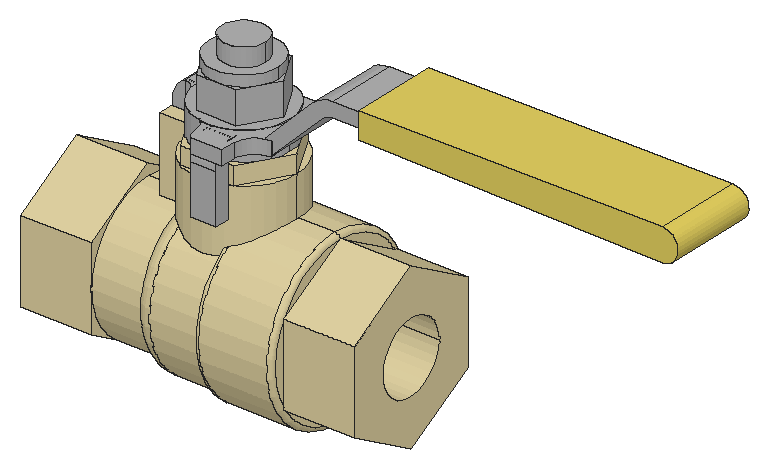
Revit family "QP00970000", category Apparecchi idraulici, Revit 2020
Family settings
  Quota connettore circolare = Usa diametro
  Tipo di parte = Normale
  Numero OmniClass = 23.45.00.00
  Titolo OmniClass = Sanitary, Laundry, and Cleaning Equipment
  Basato su piano di lavoro = No
  Sempre verticale = Sì
  Taglio con vuoti quando caricato = No
  Condiviso = No
  Punto di calcolo locali = No
Parameters
  URL = "https://web.cimberio.com/index.php/figura/814?subcategoria_id=95351"
  Temperatura di esercizio = "- 40 ÷ 60°C"
  Prospetto di default = 0 mm
  Produttore = "CIMBERIO SPA"
  Pressione nominale = "600 psi da 1/4\" a 1 1/4\"; 500 psi per 1 1/2\"; 400 psi per 2\""
  Modello = "Cim 17.1GNPT"
  Materiale = "Prodotto in lega di ottone conforme alla norma EN 12165-CW617N-DW"
  Descrizione = "Utilizzato nell’impiantistica distributiva di gas a bassa pressione per le categorie:\r\nGas naturali: gas derivati dal petrolio (Metano) e gas di ricambio.\r\nGas di città: prodotti secondo i diversi procedimenti (Cracking - Cokerie - ecc.).\r\nGas liquidi: propano e miscele di gas propano/butano"
  DN Model [instance] = QP00971008 : QP00971008
  DN [instance] = 10 mm
  Commenti sul tipo = "Realizzato in ottemperanza ai requisiti gestionali della norma EN ISO 9001.\r\nCollaudato al 100% secondo la normativa EN 12266-1"
Reference planes
  plane 1 "Centro (Fronte/Retro)": y = 0
  plane 2: z = 0
  plane 3 "Centro (Sinistra/Destra)": x = 0
Dimensions and locks
  aligned and locked: level to plane 2
Nested families
  nested 1: "QP00971008" at (0, 0, 0), type <- "DN Model", type "QP00971008"
  nested 2: "QP00971008" at (0, 0, 0), type <- "DN Model", type "QP00971008"
  nested 3: "QP00971008" at (0, 0, 0), type <- "DN Model", type "QP00971008"
  nested 4: "QP00971008" at (0, 0, 0), type <- "DN Model", type "QP00971008"
  nested 5: "QP00971008" at (0, 0, 0), type <- "DN Model", type "QP00971008"
  nested 6: "QP00971008" at (0, 0, 0), type <- "DN Model", type "QP00971008"
  nested 7: "QP00971008" at (0, 0, 0), type <- "DN Model", type "QP00971008"
  nested 8: "QP00971008" at (0, 0, 0), type <- "DN Model", type "QP00971008"
Connectors
  piping at (23.5, 0, 0), diameter 10, driven by "DN"
    settings: on nested 1, index 1, connector inside diameter 609.6 mm, connector length 0 mm, flow factor 0, pipe flow 0.0 L/s, pressure drop 0.0 Pa, fitting loss kfactor 0, connector angle 0.00°, fixture units 0, engagement length 0 mm, angle of deflection 0.00°, flow configuration 0, flow direction 0, fitting loss method 0, system type 7, joint type 0, gender type 0, connector reference index -1, connector utility 0, adjustable connector no, is connector primary yes, connector description ""
  piping at (-23.5, 0, 0), diameter 10, driven by "DN"
    settings: on nested 1, index 2, connector inside diameter 609.6 mm, connector length 0 mm, flow factor 0, pipe flow 0.0 L/s, pressure drop 0.0 Pa, fitting loss kfactor 0, connector angle 0.00°, fixture units 0, engagement length 0 mm, angle of deflection 0.00°, flow configuration 0, flow direction 0, fitting loss method 0, system type 7, joint type 0, gender type 0, connector reference index -1, connector utility 0, adjustable connector no, is connector primary no, connector description ""
Definition of nested family "QP00971008"
  Parameters (values of type "QP00971008")
    Default Elevation = 0 mm
  Reference planes
    plane 1 "Centro (Fronte/Retro)": y = 0
    plane 2: z = 0
    plane 3 "Centro (Sinistra/Destra)": x = 0
  Forms (mm)
    Extrusion 1, solid
      sketch origin (-11, 0, 0) x (0, 0, 1) y (0, 1, 0)
        loop
          circle (0, 0) r 5
        loop
          line (11.5, 0) -> (5.75, 9.959) -> (-5.75, 9.959) -> (-11.5, 0) -> (-5.75, -9.959) -> (5.75, -9.959) -> (11.5, 0)
      from 2.5 to 12.5
    Extrusion 2, solid
      sketch origin (0, 0, 0) x (1, 0, 0) y (0, 1, 0)
        loop
          circle (0, 0) r 7.5
        loop
          circle (0, 0) r 6
      from 5 to 17.5
    Extrusion 3, solid
      sketch origin (0, 0, 0) x (1, 0, 0) y (0, 1, 0)
        loop
          line (-7.5, 0) -> (-3.75, -6.495) -> (3.75, -6.495) -> (7.5, 0) -> (3.75, 6.495) -> (-3.75, 6.495) -> (-7.5, 0)
      from 17.5 to 20
    Extrusion 4, solid
      sketch origin (0, 0, 0) x (1, 0, 0) y (0, 1, 0)
        loop
          circle (0, 0) r 6.495
        loop
          circle (0, 0) r 4.238
      from 20 to 24.05
    Extrusion 5, solid
      sketch origin (0, 0, 0) x (1, 0, 0) y (0, 1, 0)
        loop
          line (-10, 0) -> (-10, -2.269) -> (-5, -2.269) -> (-5, 0) -> (-10, 0)
      from 8.773 to 20
    Extrusion 6, solid
      sketch origin (0, 0, 0) x (1, 0, 0) y (0, 0, 1)
        loop
          arc (-6.5, 24.008) -> (-8.936, 23.341) -> (-10, 21.05) r 3
          line (-10, 21.05) -> (-10, 19.609) -> (-8, 19.609) -> (-8, 21.05)
          arc (-8, 21.05) -> (-7.5, 21.916) -> (-6.5, 21.916) r 1
          line (-6.5, 21.916) -> (-6.5, 24.008)
      from -4.887 to 0
    Extrusion 7, solid
      sketch origin (4.143, 0, 0) x (0, 1, 0) y (0, 0, 1)
        loop
          arc (-6.056, 23.858) -> (-8.82, 23.517) -> (-10.113, 21.05) r 3
          line (-10.113, 21.05) -> (-10.113, 14.05) -> (-8, 14.05) -> (-8, 21.05)
          arc (-8, 21.05) -> (-7.167, 22.036) -> (-6.056, 21.379) r 1
          line (-6.056, 21.379) -> (-6.056, 23.858)
      from -3.563 to 0
    Extrusion 8, solid
      sketch origin (0, 0, 0) x (1, 0, 0) y (0, 0, 1)
        loop
          arc (16.658, 32.047) -> (15.124, 31.743) -> (13.824, 30.874) r 4
          line (13.824, 30.874) -> (7, 24.05) -> (7, 22.05)
          arc (7, 22.05) -> (7.765, 22.202) -> (8.414, 22.636) r 2
          line (8.414, 22.636) -> (15.239, 29.461)
          arc (15.239, 29.461) -> (15.888, 29.895) -> (16.654, 30.047) r 2
          line (16.654, 30.047) -> (21.001, 30.047) -> (21.001, 32.047) -> (16.658, 32.047)
      from -4.887 to 5.113
    Extrusion 9, solid
      sketch origin (0, 0, 28.55) x (1, 0, 0) y (0, 1, 0)
        loop
          line (-8, 4.887) -> (-8, -0.264)
          arc (-8, -0.264) -> (-7.505, -0.408) -> (-7, -0.513) r 6.531
          line (-7, -0.513) -> (-0.4, -7.113) -> (0.148, -9.364)
          arc (0.148, -9.364) -> (0.308, -9.771) -> (0.581, -10.113) r 1.461
          line (0.581, -10.113) -> (5, -10.113) -> (5, -8.113)
          arc (5, -8.113) -> (5.879, -5.991) -> (8, -5.113) r 3
          line (8, -5.113) -> (7, 4.887) -> (-8, 4.887)
      from -6.5 to -4.5
    Extrusion 10, solid
      sketch origin (0, 0, 28.55) x (1, 0, 0) y (0, 1, 0)
        loop
          line (-5.599, 0) -> (-2.799, -4.849) -> (2.799, -4.849) -> (5.599, 0) -> (2.799, 4.849) -> (-2.799, 4.849) -> (-5.599, 0)
      from -4.5 to 0
    Extrusion 11, solid
      sketch origin (0, 0, 28.55) x (1, 0, 0) y (0, 1, 0)
        loop
          circle (0, 0) r 4.849
      from 0 to 1.5
    Extrusion 12, solid
      sketch origin (0, 0, 28.55) x (1, 0, 0) y (0, 1, 0)
        loop
          circle (0, 0) r 3.045
      from 1.5 to 4
    Extrusion 13, solid
      sketch origin (0, 0, 0) x (1, 0, 0) y (0, 0, 1)
        loop
          line (21.001, 29.247) -> (63.833, 28.799)
          arc (63.833, 28.799) -> (66, 31.047) -> (63.833, 33.296) r 2.25
          line (63.833, 33.296) -> (21.001, 32.847) -> (21.001, 29.247)
      from -6.219 to 6.099
    Extrusion 14, solid
      sketch origin (11, 0, 0) x (0, 0, 1) y (0, -1, 0)
        loop
          circle (0, 0) r 5
        loop
          line (11.5, 0) -> (5.75, 9.959) -> (-5.75, 9.959) -> (-11.5, 0) -> (-5.75, -9.959) -> (5.75, -9.959) -> (11.5, 0)
      from 2.5 to 12.5
    Revolve 15, solid
      sketch origin (0, 0, 0) x (1, 0, 0) y (0, 0, 1)
        loop
          line (-13.5, -5) -> (-13.5, -10) -> (-6.5, -10)
          arc (-6.5, -10) -> (-5.585, -10.915) -> (-4.335, -11.25) r 2.5
          line (-4.335, -11.25) -> (2.5, -11.25)
          arc (2.5, -11.25) -> (2.72, -11.78) -> (3.25, -12) r 0.75
          line (3.25, -12) -> (12.8, -12)
          arc (12.8, -12) -> (13.295, -11.795) -> (13.5, -11.3) r 0.7
          line (13.5, -11.3) -> (13.5, -5) -> (-13.5, -5)
        axis (-13.5, 0) -> (13.5, 0)
      angle from 0 to 360
  Cuts and joins
    joined: Extrusion 2, Extrusion 5
  Dimensions and locks
    aligned and locked: level to plane 2
    aligned and locked: Extrusion 1 to import instance
